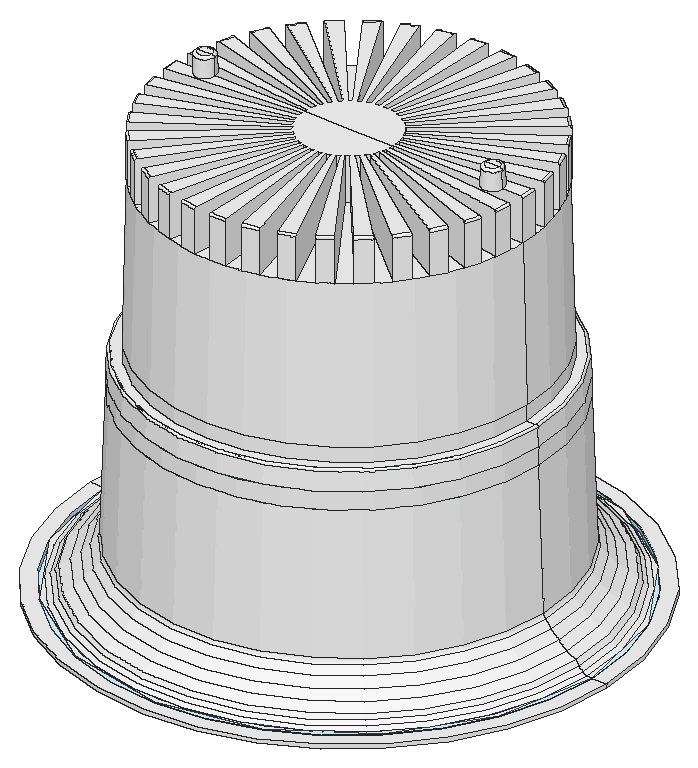
Revit family "RA 11 SOFT DIXIT LED", category Lighting Fixtures, host Ceiling, Revit 2019
Family settings
  Host = Ceiling
  Round Connector Dimension = Use Diameter
  Part Type = Normal
  OmniClass Number = 23.80.70.11
  OmniClass Title = Luminaries for Internal Lighting
  Always vertical = No
  Cut with Voids When Loaded = No
  Light Source = Yes
  Shared = No
  Room Calculation Point = No
Parameters (values of type "RA 11 SOFT DIXIT LED 3100lm 26W 3000K CRI85 70° Refl-WHITE-regolabile")
  Wattage = 20.8695 W
  built-in parameter 1150110 = 1 (stored number, unit not read)
  URL = "https://www.aria.lighting/prodotti/interni/incassi/ra-11-soft-dixit-led"
  Type Image = RA11SOFT_DIXIT_LED_TAB-Sito-Ivela.jpg
  Type Comments = "Ceiling recessed light"
  Tilt Angle = 90.00°
  Photometric Web File = "255-2 _ 256-2 _ RA 11 DIXIT LED 26W 3100 lm 3000K 70°.IES"
  built-in parameter 1150142 = "IESNA:LM-63-2002\r\n[TEST] Citizen CLL042 _ 69°/07-11-2013 / Luca\r\n[TESTLAB] ies2eulumdat.appspot.com\r\n[ISSUEDATE] 2021-07-24T14:40:32.967\r\n[MANUFAC] IVELA SpA\r\n[LUMCAT] 255-2\r\n[LUMINAIRE] RA 11 D.L.26W 3100lm 3000K 70°\r\n[LAMPCAT] LED RA11SOFT 26W3K\r\n[LAMP] LED RA11SOFT 26W3K\r\nTILT=NONE\r\n1\t2759\t1\t37\t1\t1\t2\t-0.079\t-0.079\t0.003\r\n1.0\t1.0\t26.00\r\n0\t 5\t 10\t 15\t 20\t 25\t 30\t 35\t 40\t 45\r\n50\t 55\t 60\t 65\t 70\t 75\t 80\t 85\t 90\t 95\r\n100\t 105\t 110\t 115\t 120\t 125\t 130\t 135\t 140\t 145\r\n150\t 155\t 160\t 165\t 170\t 175\t 180\r\n0\r\n2030.2412\t1999.4943\t1905.7112\t1764.5289\t1624.9245\t1492.9698\t1324.0122\t983.3907\t619.0102\t357.0076\r\n289.663\t235.4655\t185.8304\t142.0516\t103.0725\t70.2378\t42.1957\t19.0668\t1.1894\t0.5989\r\n0.7647\t1.0022\t1.3521\t1.8306\t2.4079\t3.0683\t3.809\t4.6357\t5.5032\t6.3932\r\n7.2441\t7.925\t8.3743\t8.7568\t9.2189\t9.6271\t9.8611"
  Model = "258-200BN-21"
  Manufacturer = "ARIA"
  Larghezza = 141 mm
  Lamp = "LED 3100lm 26W 3000K CRI85"
  built-in parameter 1114217 = 1 (stored number, unit not read)
  built-in parameter 1150109 = 1 (stored number, unit not read)
  Wattage Comments = "26"
  built-in parameter 1150134 = (empty or 0)
  built-in parameter 1150113 = 1 (stored number, unit not read)
  Lumens = 3100 lm
  built-in parameter 1150115 = 1 (stored number, unit not read)
  built-in parameter 1150105 = 17078.2 (stored number, unit not read)
  built-in parameter 1150137 = (empty or 0)
  built-in parameter 1150139 = (empty or 0)
  built-in parameter 1150112 = 1 (stored number, unit not read)
  built-in parameter 1150114 = 1 (stored number, unit not read)
  built-in parameter 1150132 = 2
  built-in parameter 1150102 = (empty or 0)
  built-in parameter 1150138 = (empty or 0)
  built-in parameter 1150107 = 3000 (stored number, unit not read)
  built-in parameter 1150106 = 170.78 (stored number, unit not read)
  Glass material = Glass
  built-in parameter 1150104 = 13.8 (stored number, unit not read)
  Effective Intensity (lm) = 2759
  Dimming Lamp Color Temperature Shift = <None>
  Description = "La gamma di incassi fissi RA 11 Dixit LED, è stata progettata per soddisfare le più diverse esigenze illuminotecniche, in particolare per l’applicazione in centri commerciali, negozi e uffici.\r\nTutte le versioni prevedono un innovativo sistema di dissipazione termica passiva e ottiche professionali in termoplastico metallizzato a specchio, a garanzia di un’elevata qualità della luce e di un eccellente mantenimento dell’intensità luminosa nel tempo.\r\nL’elevato rendimento luminoso di RA 11 Soft Dixit LED si coniuga con contenuti valori di luminanza e bassi livelli di abbagliamento, consentendo un ottimo comfort visivo.\r\nDriver da ordinare separatamente; la potenza dell'apparecchio varia a seconda del driver scelto."
  Corrente driver (mA) = "700mA regolabile sul taglio di fase"
  Color Filter = 16777215
  Codice = "258-200BN-21"
  CRI L'indice di Resa Cromatica = "85"
  Body material = White Powder Coated Aluminium
  Beam angle (°) = "70° Refl."
  built-in parameter 1114218 = 1 (stored number, unit not read)
  built-in parameter 1150133 = 10 (stored number, unit not read)
Reference planes
  plane 1 "Light Source Axis (F/B)": y = 0
  plane 2: z = 0
  plane 3 "Light Source Axis (L/R)": x = 0
  plane 4 "Ceiling": z = 4000
  plane 5 "Light Source Elevation": z = 4000
  plane 6: x = -70.5
  plane 7: x = 70.5
  plane 8: z = 4117
Forms (mm)
  Revolve 1, solid, material "White Powder Coated Aluminium" <- "Body material"
    sketch origin (0, 0, 0) x (1, 0, 0) y (0, 0, 1)
      loop
        line (-66.7, 4000) -> (-70.5, 4000) -> (-70.5, 3998.984) -> (-66.7, 3998.984) -> (-66.7, 4000)
      axis (0, 4000) -> (0, 3998.984)
    angle from 0 to 360
  Extrusion 2, solid, material "Glass" <- "Glass material"
    sketch origin (0, 0, 4000) x (0, 1, 0) y (-1, 0, 0)
      loop
        circle (0, 0) r 66.7
    from 0 to -1.016
  Revolve 3, solid, material "White Powder Coated Aluminium" <- "Body material"
    sketch origin (0, 0, 0) x (1, 0, 0) y (0, 0, 1)
      loop
        line (-48.533, 4060.587) -> (-48.533, 4056.781) -> (-51.141, 4056.781)
        arc (-51.141, 4056.781) -> (-51.53, 4056.627) -> (-51.709, 4056.249) r 0.569
        line (-51.709, 4056.249) -> (-52.022, 4051.547) -> (-52.022, 4047.106) -> (-53.275, 4011.402)
        arc (-53.275, 4011.402) -> (-53.411, 4010.748) -> (-53.732, 4010.163) r 2.245
        line (-53.732, 4010.163) -> (-55.353, 4008.247) -> (-57.415, 4006.186) -> (-59.636, 4004.441) -> (-62.015, 4002.855) -> (-62.808, 4001.745) -> (-63.918, 4000.793) -> (-65.187, 4000.159) -> (-66.456, 4000) -> (-57.195, 4000) -> (-54.091, 4002.439) -> (-51.671, 4004.859) -> (-50.64, 4006.077)
        arc (-50.64, 4006.077) -> (-49.425, 4006.852) -> (-48.385, 4007.848) r 7.348
        line (-48.385, 4007.848) -> (-47.159, 4009.279) -> (-44.964, 4012.936) -> (-43.062, 4016.567) -> (-41.503, 4020.206) -> (-40.106, 4024.047) -> (-39.103, 4027.894) -> (-38.068, 4031.687) -> (-37.548, 4035.674) -> (-35.686, 4096.341) -> (0, 4096.341) -> (0, 4111.341) -> (-47.042, 4111.341)
        arc (-47.042, 4111.341) -> (-47.424, 4111.183) -> (-47.582, 4110.802) r 0.539
        line (-47.582, 4110.802) -> (-47.582, 4099.921) -> (-48.533, 4060.587)
      axis (0, 4111.341) -> (0, 4000)
    angle from 0 to 360
  Extrusion 4, void
    sketch origin (0, 0, 4000) x (0, 1, 0) y (1, 0, 0)
      loop
        line (7.464, 85.311) -> (1.054, 12.047)
        arc (1.054, 12.047) -> (1.578, 11.99) -> (2.1, 11.909) r 12.093
        line (2.1, 11.909) -> (14.871, 84.336)
        arc (14.871, 84.336) -> (11.178, 84.905) -> (7.464, 85.311) r 85.637
      loop
        arc (0, 85.637) -> (-3.735, 85.556) -> (-7.464, 85.311) r 85.637
        line (-7.464, 85.311) -> (-1.054, 12.047)
        arc (-1.054, 12.047) -> (-0.527, 12.082) -> (0, 12.093) r 12.093
        line (0, 12.093) -> (0, 85.637)
      loop
        line (-2.1, 11.909) -> (-14.871, 84.336)
        arc (-14.871, 84.336) -> (-18.535, 83.607) -> (-22.165, 82.719) r 85.637
        line (-22.165, 82.719) -> (-3.13, 11.681)
        arc (-3.13, 11.681) -> (-2.617, 11.806) -> (-2.1, 11.909) r 12.093
      loop
        line (-4.136, 11.364) -> (-29.29, 80.473)
        arc (-29.29, 80.473) -> (-32.772, 79.119) -> (-36.192, 77.614) r 85.637
        line (-36.192, 77.614) -> (-5.111, 10.96)
        arc (-5.111, 10.96) -> (-4.628, 11.172) -> (-4.136, 11.364) r 12.093
      loop
        line (-6.047, 10.473) -> (-42.819, 74.164)
        arc (-42.819, 74.164) -> (-46.013, 72.226) -> (-49.12, 70.15) r 85.637
        line (-49.12, 70.15) -> (-6.936, 9.906)
        arc (-6.936, 9.906) -> (-6.498, 10.199) -> (-6.047, 10.473) r 12.093
      loop
        line (-7.773, 9.264) -> (-55.047, 65.602)
        arc (-55.047, 65.602) -> (-57.856, 63.138) -> (-60.555, 60.555) r 85.637
        line (-60.555, 60.555) -> (-8.551, 8.551)
        arc (-8.551, 8.551) -> (-8.17, 8.916) -> (-7.773, 9.264) r 12.093
      loop
        arc (-9.906, 6.936) -> (-9.594, 7.362) -> (-9.264, 7.773) r 12.093
        line (-9.264, 7.773) -> (-65.602, 55.047)
        arc (-65.602, 55.047) -> (-67.941, 52.133) -> (-70.15, 49.12) r 85.637
        line (-70.15, 49.12) -> (-9.906, 6.936)
      loop
        line (-11.364, 4.136) -> (-80.473, 29.29)
        arc (-80.473, 29.29) -> (-81.674, 25.752) -> (-82.719, 22.165) r 85.637
        line (-82.719, 22.165) -> (-11.681, 3.13)
        arc (-11.681, 3.13) -> (-11.533, 3.636) -> (-11.364, 4.136) r 12.093
      loop
        line (-12.093, 0) -> (-85.637, 0)
        arc (-85.637, 0) -> (-85.556, -3.735) -> (-85.311, -7.464) r 85.637
        line (-85.311, -7.464) -> (-12.047, -1.054)
        arc (-12.047, -1.054) -> (-12.082, -0.527) -> (-12.093, 0) r 12.093
      loop
        line (-11.909, 2.1) -> (-84.336, 14.871)
        arc (-84.336, 14.871) -> (-84.905, 11.178) -> (-85.311, 7.464) r 85.637
        line (-85.311, 7.464) -> (-12.047, 1.054)
        arc (-12.047, 1.054) -> (-11.99, 1.578) -> (-11.909, 2.1) r 12.093
      loop
        line (-10.473, 6.047) -> (-74.164, 42.819)
        arc (-74.164, 42.819) -> (-75.961, 39.543) -> (-77.614, 36.192) r 85.637
        line (-77.614, 36.192) -> (-10.96, 5.111)
        arc (-10.96, 5.111) -> (-10.727, 5.584) -> (-10.473, 6.047) r 12.093
      loop
        arc (-1.054, -12.047) -> (-1.578, -11.99) -> (-2.1, -11.909) r 12.093
        line (-2.1, -11.909) -> (-14.871, -84.336)
        arc (-14.871, -84.336) -> (-11.178, -84.905) -> (-7.464, -85.311) r 85.637
        line (-7.464, -85.311) -> (-1.054, -12.047)
      loop
        arc (-3.13, -11.681) -> (-3.636, -11.533) -> (-4.136, -11.364) r 12.093
        line (-4.136, -11.364) -> (-29.29, -80.473)
        arc (-29.29, -80.473) -> (-25.752, -81.674) -> (-22.165, -82.719) r 85.637
        line (-22.165, -82.719) -> (-3.13, -11.681)
      loop
        arc (-5.111, -10.96) -> (-5.584, -10.727) -> (-6.047, -10.473) r 12.093
        line (-6.047, -10.473) -> (-42.819, -74.164)
        arc (-42.819, -74.164) -> (-39.543, -75.961) -> (-36.192, -77.614) r 85.637
        line (-36.192, -77.614) -> (-5.111, -10.96)
      loop
        line (-7.773, -9.264) -> (-55.047, -65.602)
        arc (-55.047, -65.602) -> (-52.133, -67.941) -> (-49.12, -70.15) r 85.637
        line (-49.12, -70.15) -> (-6.936, -9.906)
        arc (-6.936, -9.906) -> (-7.362, -9.594) -> (-7.773, -9.264) r 12.093
      loop
        arc (-9.906, -6.936) -> (-10.199, -6.498) -> (-10.473, -6.047) r 12.093
        line (-10.473, -6.047) -> (-74.164, -42.819)
        arc (-74.164, -42.819) -> (-72.226, -46.013) -> (-70.15, -49.12) r 85.637
        line (-70.15, -49.12) -> (-9.906, -6.936)
      loop
        line (-11.364, -4.136) -> (-80.473, -29.29)
        arc (-80.473, -29.29) -> (-79.119, -32.772) -> (-77.614, -36.192) r 85.637
        line (-77.614, -36.192) -> (-10.96, -5.111)
        arc (-10.96, -5.111) -> (-11.172, -4.628) -> (-11.364, -4.136) r 12.093
      loop
        line (-11.909, -2.1) -> (-84.336, -14.871)
        arc (-84.336, -14.871) -> (-83.607, -18.535) -> (-82.719, -22.165) r 85.637
        line (-82.719, -22.165) -> (-11.681, -3.13)
        arc (-11.681, -3.13) -> (-11.806, -2.617) -> (-11.909, -2.1) r 12.093
      loop
        arc (-8.551, -8.551) -> (-8.916, -8.17) -> (-9.264, -7.773) r 12.093
        line (-9.264, -7.773) -> (-65.602, -55.047)
        arc (-65.602, -55.047) -> (-63.138, -57.856) -> (-60.555, -60.555) r 85.637
        line (-60.555, -60.555) -> (-8.551, -8.551)
      loop
        arc (3.13, 11.681) -> (3.636, 11.533) -> (4.136, 11.364) r 12.093
        line (4.136, 11.364) -> (29.29, 80.473)
        arc (29.29, 80.473) -> (25.752, 81.674) -> (22.165, 82.719) r 85.637
        line (22.165, 82.719) -> (3.13, 11.681)
      loop
        arc (5.111, 10.96) -> (5.584, 10.727) -> (6.047, 10.473) r 12.093
        line (6.047, 10.473) -> (42.819, 74.164)
        arc (42.819, 74.164) -> (39.543, 75.961) -> (36.192, 77.614) r 85.637
        line (36.192, 77.614) -> (5.111, 10.96)
      loop
        line (7.773, 9.264) -> (55.047, 65.602)
        arc (55.047, 65.602) -> (52.133, 67.941) -> (49.12, 70.15) r 85.637
        line (49.12, 70.15) -> (6.936, 9.906)
        arc (6.936, 9.906) -> (7.362, 9.594) -> (7.773, 9.264) r 12.093
      loop
        arc (9.906, 6.936) -> (10.199, 6.498) -> (10.473, 6.047) r 12.093
        line (10.473, 6.047) -> (74.164, 42.819)
        arc (74.164, 42.819) -> (72.226, 46.013) -> (70.15, 49.12) r 85.637
        line (70.15, 49.12) -> (9.906, 6.936)
      loop
        line (11.364, 4.136) -> (80.473, 29.29)
        arc (80.473, 29.29) -> (79.119, 32.772) -> (77.614, 36.192) r 85.637
        line (77.614, 36.192) -> (10.96, 5.111)
        arc (10.96, 5.111) -> (11.172, 4.628) -> (11.364, 4.136) r 12.093
      loop
        line (12.093, 0) -> (85.637, 0)
        arc (85.637, 0) -> (85.556, 3.735) -> (85.311, 7.464) r 85.637
        line (85.311, 7.464) -> (12.047, 1.054)
        arc (12.047, 1.054) -> (12.082, 0.527) -> (12.093, 0) r 12.093
      loop
        line (11.909, 2.1) -> (84.336, 14.871)
        arc (84.336, 14.871) -> (83.607, 18.535) -> (82.719, 22.165) r 85.637
        line (82.719, 22.165) -> (11.681, 3.13)
        arc (11.681, 3.13) -> (11.806, 2.617) -> (11.909, 2.1) r 12.093
      loop
        arc (8.551, 8.551) -> (8.916, 8.17) -> (9.264, 7.773) r 12.093
        line (9.264, 7.773) -> (65.602, 55.047)
        arc (65.602, 55.047) -> (63.138, 57.856) -> (60.555, 60.555) r 85.637
        line (60.555, 60.555) -> (8.551, 8.551)
      loop
        arc (1.054, -12.047) -> (0.527, -12.082) -> (0, -12.093) r 12.093
        line (0, -12.093) -> (0, -85.637)
        arc (0, -85.637) -> (3.735, -85.556) -> (7.464, -85.311) r 85.637
        line (7.464, -85.311) -> (1.054, -12.047)
      loop
        line (2.1, -11.909) -> (14.871, -84.336)
        arc (14.871, -84.336) -> (18.535, -83.607) -> (22.165, -82.719) r 85.637
        line (22.165, -82.719) -> (3.13, -11.681)
        arc (3.13, -11.681) -> (2.617, -11.806) -> (2.1, -11.909) r 12.093
      loop
        line (4.136, -11.364) -> (29.29, -80.473)
        arc (29.29, -80.473) -> (32.772, -79.119) -> (36.192, -77.614) r 85.637
        line (36.192, -77.614) -> (5.111, -10.96)
        arc (5.111, -10.96) -> (4.628, -11.172) -> (4.136, -11.364) r 12.093
      loop
        line (6.047, -10.473) -> (42.819, -74.164)
        arc (42.819, -74.164) -> (46.013, -72.226) -> (49.12, -70.15) r 85.637
        line (49.12, -70.15) -> (6.936, -9.906)
        arc (6.936, -9.906) -> (6.498, -10.199) -> (6.047, -10.473) r 12.093
      loop
        line (7.773, -9.264) -> (55.047, -65.602)
        arc (55.047, -65.602) -> (57.856, -63.138) -> (60.555, -60.555) r 85.637
        line (60.555, -60.555) -> (8.551, -8.551)
        arc (8.551, -8.551) -> (8.17, -8.916) -> (7.773, -9.264) r 12.093
      loop
        arc (9.906, -6.936) -> (9.594, -7.362) -> (9.264, -7.773) r 12.093
        line (9.264, -7.773) -> (65.602, -55.047)
        arc (65.602, -55.047) -> (67.941, -52.133) -> (70.15, -49.12) r 85.637
        line (70.15, -49.12) -> (9.906, -6.936)
      loop
        line (11.364, -4.136) -> (80.473, -29.29)
        arc (80.473, -29.29) -> (81.674, -25.752) -> (82.719, -22.165) r 85.637
        line (82.719, -22.165) -> (11.681, -3.13)
        arc (11.681, -3.13) -> (11.533, -3.636) -> (11.364, -4.136) r 12.093
      loop
        line (11.909, -2.1) -> (84.336, -14.871)
        arc (84.336, -14.871) -> (84.905, -11.178) -> (85.311, -7.464) r 85.637
        line (85.311, -7.464) -> (12.047, -1.054)
        arc (12.047, -1.054) -> (11.99, -1.578) -> (11.909, -2.1) r 12.093
      loop
        line (10.473, -6.047) -> (74.164, -42.819)
        arc (74.164, -42.819) -> (75.961, -39.543) -> (77.614, -36.192) r 85.637
        line (77.614, -36.192) -> (10.96, -5.111)
        arc (10.96, -5.111) -> (10.727, -5.584) -> (10.473, -6.047) r 12.093
    from -150.252 to -100.08
  Revolve 5, solid, material "White Powder Coated Aluminium" <- "Body material"
    sketch origin (-20.582, 0, 43.58) x (1, 0, 0) y (0, 0, 1)
      loop
        arc (-20.657, 4072.834) -> (-21.106, 4072.652) -> (-21.303, 4072.208) r 0.646
        line (-21.303, 4072.208) -> (-21.446, 4067.761) -> (-18.76, 4067.761) -> (-18.76, 4072.834) -> (-20.657, 4072.834)
      axis (-18.76, 4072.834) -> (-18.76, 4067.761)
    angle from 0 to 360
  Revolve 6, solid, material "White Powder Coated Aluminium" <- "Body material"
    sketch origin (58.097, 0, 43.58) x (1, 0, 0) y (0, 0, 1)
      loop
        arc (-20.67, 4072.836) -> (-21.12, 4072.654) -> (-21.316, 4072.21) r 0.646
        line (-21.316, 4072.21) -> (-21.46, 4067.761) -> (-18.76, 4067.761) -> (-18.76, 4072.836) -> (-20.67, 4072.836)
      axis (-18.76, 4072.836) -> (-18.76, 4067.761)
    angle from 0 to 360
Cuts and joins
  Extrusion 4 cuts Revolve 1
  Extrusion 4 cuts Extrusion 2
  Extrusion 4 cuts Revolve 3
Lines and regions (mm)
  Opening 1
    outline origin (0, 0, 4000) x (1, 0, 0) y (0, 1, 0)
      loop
        circle (0, 0) r 67
Dimensions and locks
  equal spacing: host sketch curve, plane 3 "Light Source Axis (L/R)", host sketch curve
  equal spacing: host sketch curve, plane 1 "Light Source Axis (F/B)", host sketch curve
  host sketch curve to host sketch curve = 4000 mm  (x2)
  plane 4 "Ceiling" to host ceiling = 0 mm
  equal spacing: plane 7, plane 3 "Light Source Axis (L/R)", plane 6
  "Larghezza": plane 7 to plane 6
  imposter light to plane 8 = 117 mm
  equal spacing: plane 7, imposter light, plane 6
  aligned and locked: plane 3 "Light Source Axis (L/R)" to imposter light
  aligned and locked: plane 1 "Light Source Axis (F/B)" to imposter light
  aligned and locked: plane 5 "Light Source Elevation" to imposter light
  aligned and locked: plane 5 "Light Source Elevation" to plane 4 "Ceiling"
  aligned and locked: Revolve 1 sketch curve to plane 6
Automatic sketch dimensions
  Opening 1 sketch curve to plane 3 "Light Source Axis (L/R)" = 0 mm
  Opening 1 sketch curve to plane 3 "Light Source Axis (L/R)" = 67 mm
  plane 1 "Light Source Axis (F/B)" to Opening 1 sketch curve = 0 mm
  Revolve 1 sketch curve to plane 4 "Ceiling" = 0 mm
  Revolve 1 sketch curve to plane 3 "Light Source Axis (L/R)" = 0 mm
  plane 4 "Ceiling" to Revolve 1 sketch curve = 1.016 mm
  Revolve 1 sketch curve to Revolve 1 sketch curve = 3.8 mm
  Revolve 1 sketch curve to level = 377.986 mm
  plane 8 to Revolve 1 sketch curve = 429.527 mm
  Extrusion 4 sketch curve to Extrusion 4 sketch curve = 0 mm  (x5112)
  Extrusion 4 sketch curve to plane 3 "Light Source Axis (L/R)" = 0 mm
  plane 1 "Light Source Axis (F/B)" to Extrusion 4 sketch curve = 0 mm
  plane 1 "Light Source Axis (F/B)" to Extrusion 4 sketch curve = 1.054 mm  (x2)
  Extrusion 4 sketch curve to Extrusion 4 sketch curve = 1.046 mm  (x4)
  Extrusion 4 sketch curve to Extrusion 4 sketch curve = 1.03 mm  (x4)
  Extrusion 4 sketch curve to Extrusion 4 sketch curve = 1.006 mm  (x4)
  Extrusion 4 sketch curve to Extrusion 4 sketch curve = 0.975 mm  (x8)
  Extrusion 4 sketch curve to Extrusion 4 sketch curve = 0.936 mm  (x4)
  Extrusion 4 sketch curve to Extrusion 4 sketch curve = 0.89 mm  (x5)
  plane 1 "Light Source Axis (F/B)" to Extrusion 4 sketch curve = 7.464 mm  (x2)
  Extrusion 4 sketch curve to Extrusion 4 sketch curve = 0.837 mm  (x5)
  Extrusion 4 sketch curve to Extrusion 4 sketch curve = 0.778 mm  (x6)
  Extrusion 4 sketch curve to Extrusion 4 sketch curve = 0.713 mm  (x6)
  Extrusion 4 sketch curve to Extrusion 4 sketch curve = 0.642 mm  (x6)
  Extrusion 4 sketch curve to Extrusion 4 sketch curve = 0.567 mm  (x6)
  Extrusion 4 sketch curve to plane 3 "Light Source Axis (L/R)" = 6.047 mm
  plane 3 "Light Source Axis (L/R)" to Extrusion 4 sketch curve = 5.111 mm  (x2)
  Extrusion 4 sketch curve to Extrusion 4 sketch curve = 0.487 mm  (x6)
  Extrusion 4 sketch curve to plane 3 "Light Source Axis (L/R)" = 5.111 mm  (x2)
  plane 3 "Light Source Axis (L/R)" to Extrusion 4 sketch curve = 4.136 mm  (x2)
  Extrusion 4 sketch curve to Extrusion 4 sketch curve = 0.404 mm  (x4)
  Extrusion 4 sketch curve to plane 3 "Light Source Axis (L/R)" = 4.136 mm  (x2)
  plane 3 "Light Source Axis (L/R)" to Extrusion 4 sketch curve = 3.13 mm  (x2)
  Extrusion 4 sketch curve to plane 3 "Light Source Axis (L/R)" = 3.13 mm  (x2)
  Extrusion 4 sketch curve to Extrusion 4 sketch curve = 0.317 mm  (x4)
  Extrusion 4 sketch curve to plane 3 "Light Source Axis (L/R)" = 2.1 mm  (x2)
  plane 3 "Light Source Axis (L/R)" to Extrusion 4 sketch curve = 2.1 mm  (x2)
  Extrusion 4 sketch curve to Extrusion 4 sketch curve = 0.228 mm  (x4)
  plane 3 "Light Source Axis (L/R)" to Extrusion 4 sketch curve = 1.054 mm  (x2)
  Extrusion 4 sketch curve to plane 3 "Light Source Axis (L/R)" = 1.054 mm  (x2)
  Extrusion 4 sketch curve to Extrusion 4 sketch curve = 0.138 mm  (x4)
  Extrusion 4 sketch curve to Extrusion 4 sketch curve = 7.407 mm  (x4)
  Extrusion 4 sketch curve to Extrusion 4 sketch curve = 7.294 mm  (x4)
  plane 7 to Extrusion 4 sketch curve = 9.973 mm  (x2)
  Extrusion 4 sketch curve to Extrusion 4 sketch curve = 7.125 mm  (x4)
  Extrusion 4 sketch curve to plane 6 = 9.973 mm  (x2)
  Extrusion 4 sketch curve to plane 6 = 7.114 mm  (x2)
  Extrusion 4 sketch curve to Extrusion 4 sketch curve = 6.902 mm  (x2)
  plane 7 to Extrusion 4 sketch curve = 7.114 mm  (x2)
  plane 7 to Extrusion 4 sketch curve = 3.664 mm  (x2)
  Extrusion 4 sketch curve to Extrusion 4 sketch curve = 6.627 mm  (x2)
  Extrusion 4 sketch curve to plane 6 = 3.664 mm  (x2)
  plane 6 to Extrusion 4 sketch curve = 0.35 mm  (x2)
  Extrusion 4 sketch curve to Extrusion 4 sketch curve = 6.301 mm  (x2)
  Extrusion 4 sketch curve to plane 7 = 0.35 mm  (x2)
  Extrusion 4 sketch curve to plane 7 = 4.898 mm  (x2)
  Extrusion 4 sketch curve to Extrusion 4 sketch curve = 5.927 mm  (x2)
  plane 6 to Extrusion 4 sketch curve = 4.898 mm  (x2)
  Extrusion 4 sketch curve to plane 7 = 9.945 mm  (x2)
  plane 6 to Extrusion 4 sketch curve = 9.945 mm  (x2)
  Extrusion 4 sketch curve to Extrusion 4 sketch curve = 5.508 mm  (x2)
  plane 6 to Extrusion 4 sketch curve = 15.453 mm  (x2)
  Extrusion 4 sketch curve to plane 7 = 15.453 mm  (x2)
  Extrusion 4 sketch curve to Extrusion 4 sketch curve = 5.047 mm  (x2)
  Extrusion 4 sketch curve to plane 7 = 21.38 mm  (x2)
  plane 6 to Extrusion 4 sketch curve = 21.38 mm  (x2)
  Extrusion 4 sketch curve to Extrusion 4 sketch curve = 4.548 mm  (x2)
  Extrusion 4 sketch curve to plane 7 = 27.681 mm  (x2)
  Extrusion 4 sketch curve to Extrusion 4 sketch curve = 4.014 mm  (x2)
  plane 6 to Extrusion 4 sketch curve = 27.681 mm  (x2)
  plane 6 to Extrusion 4 sketch curve = 34.308 mm  (x2)
  Extrusion 4 sketch curve to Extrusion 4 sketch curve = 3.45 mm  (x2)
  Extrusion 4 sketch curve to plane 7 = 34.308 mm  (x2)
  plane 3 "Light Source Axis (L/R)" to Extrusion 4 sketch curve = 29.29 mm  (x2)
  Extrusion 4 sketch curve to Extrusion 4 sketch curve = 2.859 mm  (x2)
  Extrusion 4 sketch curve to plane 3 "Light Source Axis (L/R)" = 29.29 mm  (x2)
  plane 3 "Light Source Axis (L/R)" to Extrusion 4 sketch curve = 22.165 mm  (x2)
  Extrusion 4 sketch curve to plane 3 "Light Source Axis (L/R)" = 22.165 mm  (x2)
  Extrusion 4 sketch curve to Extrusion 4 sketch curve = 2.247 mm  (x4)
  Extrusion 4 sketch curve to plane 3 "Light Source Axis (L/R)" = 14.871 mm  (x2)
  plane 3 "Light Source Axis (L/R)" to Extrusion 4 sketch curve = 14.871 mm  (x2)
  Extrusion 4 sketch curve to Extrusion 4 sketch curve = 1.617 mm  (x4)
  plane 3 "Light Source Axis (L/R)" to Extrusion 4 sketch curve = 7.464 mm  (x2)
  Extrusion 4 sketch curve to plane 3 "Light Source Axis (L/R)" = 7.464 mm  (x2)
  Extrusion 4 sketch curve to plane 1 "Light Source Axis (F/B)" = 1.054 mm  (x2)
  Extrusion 4 sketch curve to plane 1 "Light Source Axis (F/B)" = 7.464 mm  (x2)
  plane 3 "Light Source Axis (L/R)" to Extrusion 4 sketch curve = 6.047 mm
  Extrusion 4 sketch curve to Extrusion 4 sketch curve = 5.157 mm
  Extrusion 4 sketch curve to Extrusion 4 sketch curve = 0.046 mm
  Revolve 3 sketch curve to plane 4 "Ceiling" = 0 mm
  Revolve 3 sketch curve to plane 3 "Light Source Axis (L/R)" = 0 mm  (x2)
  plane 6 to Revolve 3 sketch curve = 34.814 mm
  Revolve 3 sketch curve to Revolve 3 sketch curve = 0.52 mm
  Revolve 3 sketch curve to Revolve 3 sketch curve = 1.034 mm
  Revolve 3 sketch curve to Revolve 3 sketch curve = 1.004 mm
  Revolve 3 sketch curve to Revolve 3 sketch curve = 1.397 mm
  Revolve 3 sketch curve to Revolve 3 sketch curve = 1.559 mm
  Revolve 3 sketch curve to Revolve 3 sketch curve = 1.902 mm
  Revolve 3 sketch curve to plane 8 = 5.659 mm
  Revolve 3 sketch curve to Revolve 3 sketch curve = 11.356 mm
  Revolve 3 sketch curve to plane 4 "Ceiling" = 9.279 mm
  Revolve 3 sketch curve to Revolve 3 sketch curve = 2.195 mm
  Revolve 3 sketch curve to Revolve 3 sketch curve = 0.539 mm
  Revolve 3 sketch curve to Revolve 3 sketch curve = 1.226 mm
  plane 6 to Revolve 3 sketch curve = 21.967 mm
  Revolve 3 sketch curve to plane 4 "Ceiling" = 6.077 mm
  Revolve 3 sketch curve to Revolve 3 sketch curve = 2.255 mm
  Revolve 3 sketch curve to Revolve 3 sketch curve = 2.608 mm
  Revolve 3 sketch curve to plane 4 "Ceiling" = 4.859 mm
  Revolve 3 sketch curve to Revolve 3 sketch curve = 1.031 mm
  Revolve 3 sketch curve to Revolve 3 sketch curve = 0.568 mm
  Revolve 3 sketch curve to Revolve 3 sketch curve = 0.881 mm
  Revolve 3 sketch curve to Revolve 3 sketch curve = 3.324 mm
  Revolve 3 sketch curve to plane 4 "Ceiling" = 2.439 mm
  Revolve 3 sketch curve to Revolve 3 sketch curve = 2.42 mm
  Revolve 3 sketch curve to Revolve 3 sketch curve = 1.389 mm
  Revolve 3 sketch curve to Revolve 3 sketch curve = 3.104 mm
  Revolve 3 sketch curve to plane 4 "Ceiling" = 6.186 mm
  Revolve 3 sketch curve to Revolve 3 sketch curve = 2.062 mm  (x2)
  Revolve 3 sketch curve to plane 4 "Ceiling" = 4.441 mm
  Revolve 3 sketch curve to Revolve 3 sketch curve = 2.22 mm
  Revolve 3 sketch curve to plane 4 "Ceiling" = 2.855 mm
  Revolve 3 sketch curve to Revolve 3 sketch curve = 2.379 mm
  Revolve 3 sketch curve to plane 4 "Ceiling" = 1.745 mm
  Revolve 3 sketch curve to Revolve 3 sketch curve = 0.793 mm
  Revolve 3 sketch curve to plane 4 "Ceiling" = 0.793 mm
  Revolve 3 sketch curve to Revolve 3 sketch curve = 1.11 mm
  Revolve 3 sketch curve to plane 4 "Ceiling" = 0.159 mm
  Revolve 3 sketch curve to Revolve 3 sketch curve = 1.269 mm  (x2)
  Revolve 3 sketch curve to Revolve 3 sketch curve = 1.106 mm
  Revolve 3 sketch curve to Revolve 3 sketch curve = 3.658 mm
  Revolve 3 sketch curve to Revolve 3 sketch curve = 3.631 mm
  Revolve 3 sketch curve to Revolve 3 sketch curve = 3.638 mm
  Revolve 3 sketch curve to Revolve 3 sketch curve = 3.841 mm
  Revolve 3 sketch curve to Revolve 3 sketch curve = 3.848 mm
  Revolve 3 sketch curve to Revolve 3 sketch curve = 3.792 mm
  Revolve 3 sketch curve to Revolve 3 sketch curve = 3.987 mm
  Revolve 3 sketch curve to Revolve 3 sketch curve = 11.432 mm
  Revolve 3 sketch curve to Revolve 3 sketch curve = 4.441 mm
  Revolve 3 sketch curve to Revolve 3 sketch curve = 4.665 mm
  Revolve 3 sketch curve to Revolve 3 sketch curve = 0.038 mm
  Revolve 3 sketch curve to Revolve 3 sketch curve = 3.807 mm
  Revolve 3 sketch curve to Revolve 3 sketch curve = 15 mm
  Revolve 3 sketch curve to Revolve 3 sketch curve = 10.88 mm
  Revolve 3 sketch curve to Revolve 3 sketch curve = 0.689 mm
  Revolve 3 sketch curve to Revolve 3 sketch curve = 0.457 mm
  Revolve 3 sketch curve to level = 377.986 mm
  Revolve 3 sketch curve to Revolve 3 sketch curve = 1.362 mm
  plane 8 to Revolve 3 sketch curve = 426.027 mm
  plane 6 to Revolve 3 sketch curve = 16.536 mm
  Revolve 3 sketch curve to Revolve 3 sketch curve = 1.552 mm
  Revolve 3 sketch curve to Revolve 3 sketch curve = 1.43 mm
  Revolve 5 sketch curve to plane 8 = 5.659 mm
  Revolve 5 sketch curve to plane 3 "Light Source Axis (L/R)" = 42.028 mm
  Revolve 5 sketch curve to plane 8 = 1.212 mm
  Revolve 5 sketch curve to Revolve 5 sketch curve = 0.143 mm
  Revolve 5 sketch curve to Revolve 5 sketch curve = 0.646 mm
  Revolve 5 sketch curve to plane 8 = 0.587 mm
  Revolve 5 sketch curve to Revolve 5 sketch curve = 1.897 mm
  Revolve 5 sketch curve to plane 3 "Light Source Axis (L/R)" = 39.342 mm
  Revolve 5 sketch curve to level = 333.344 mm
  plane 8 to Revolve 5 sketch curve = 399.669 mm
  Revolve 6 sketch curve to plane 8 = 5.659 mm
  plane 3 "Light Source Axis (L/R)" to Revolve 6 sketch curve = 36.638 mm
  Revolve 6 sketch curve to plane 8 = 1.21 mm
  Revolve 6 sketch curve to Revolve 6 sketch curve = 0.144 mm
  Revolve 6 sketch curve to Revolve 6 sketch curve = 0.646 mm
  Revolve 6 sketch curve to plane 8 = 0.584 mm
  Revolve 6 sketch curve to Revolve 6 sketch curve = 1.91 mm
  plane 3 "Light Source Axis (L/R)" to Revolve 6 sketch curve = 39.338 mm
  Revolve 6 sketch curve to level = 333.344 mm
  plane 8 to Revolve 6 sketch curve = 399.669 mm
  radius of Extrusion 2 sketch curve to Revolve 1 = 0 mm
Types (28, lengths in mm): name | Wattage | Photometric Web File | built-in parameter 1150142 | Lamp | Wattage Comments | Lumens | built-in parameter 1150105 | built-in parameter 1150106 | Effective Intensity (lm) | Corrente driver (mA) | Beam angle (°)
  RA 11 SOFT DIXIT LED 1700lm 12W 3000K CRI85 18° Refl-WHITE-regolabile | 11.4446 W | "255-2 _ 256-2 _ RA 11 DIXIT LED 12W 1700 lm 3000K 17°.IES" | "IESNA:LM-63-2002\r\n[TEST] I-Moon 725-6 39W S/05-12-2012 / Luca\r\n[TESTLAB] ies2eulumdat.appspot.com\r\n[ISSUEDATE] 2021-07-24T14:35:06.454\r\n[MANUFAC] IVELA SpA\r\n[LUMCAT] 255-2\r\n[LUMINAIRE] RA 11 D.L.12W 1700lm 3000K 17°\r\n[LAMPCAT] LED per RA 11 1700\r\n[LAMP] LED per RA 11 1700\r\nTILT=NONE\r\n1\t1513\t1\t37\t1\t1\t2\t-0.079\t-0.079\t0.045\r\n1.0\t1.0\t12.00\r\n0\t 5\t 10\t 15\t 20\t 25\t 30\t 35\t 40\t 45\r\n50\t 55\t 60\t 65\t 70\t 75\t 80\t 85\t 90\t 95\r\n100\t 105\t 110\t 115\t 120\t 125\t 130\t 135\t 140\t 145\r\n150\t 155\t 160\t 165\t 170\t 175\t 180\r\n0\r\n8335.2581\t6591.4813\t3075.9168\t1230.671\t747.0234\t607.2649\t539.2343\t406.7179\t151.4115\t19.8843\r\n7.0589\t1.0306\t0.1911\t0.1371\t0.1028\t0.0823\t0.0689\t0.0592\t0.0529\t0.0549\r\n0.0647\t0.1027\t0.2016\t0.364\t0.5754\t0.8357\t1.2193\t1.9038\t3.0396\t4.4571\r\n5.7035\t6.4225\t6.7734\t7.1427\t7.3896\t6.9347\t6.3511" | "LED 1700lm 12W 3000K CRI85" | "12" | 1700 lm | 135.28 (stored number, unit not read) | 1.3528 (stored number, unit not read) | 1513 | "350mA regolabile sul taglio di fase" | "18° Refl."
  RA 11 SOFT DIXIT LED 1700lm 12W 3000K CRI85 30° Refl-WHITE-regolabile | 11.4446 W | "255-2 _ 256-2 _ RA 11 DIXIT LED 12W 1700 lm 3000K 30°.IES" | "IESNA:LM-63-2002\r\n[TEST] I-Moon 725-6 39W M/06-12-2012 / Luca\r\n[TESTLAB] ies2eulumdat.appspot.com\r\n[ISSUEDATE] 2021-07-24T14:35:40.733\r\n[MANUFAC] IVELA SpA\r\n[LUMCAT] 255-2\r\n[LUMINAIRE] RA 11 D.L.12W 1700lm 3000K 30°\r\n[LAMPCAT] LED per RA 11 1700\r\n[LAMP] LED per RA 11 1700\r\nTILT=NONE\r\n1\t1513\t1\t37\t1\t1\t2\t-0.079\t-0.079\t0.045\r\n1.0\t1.0\t12.00\r\n0\t 5\t 10\t 15\t 20\t 25\t 30\t 35\t 40\t 45\r\n50\t 55\t 60\t 65\t 70\t 75\t 80\t 85\t 90\t 95\r\n100\t 105\t 110\t 115\t 120\t 125\t 130\t 135\t 140\t 145\r\n150\t 155\t 160\t 165\t 170\t 175\t 180\r\n0\r\n3748.1963\t3411.47\t2591.0936\t1746.9423\t1139.0057\t807.7725\t645.2596\t462.8167\t172.7337\t27.6466\r\n10.324\t1.9267\t0.5981\t0.3981\t0.2637\t0.1751\t0.115\t0.0773\t0.0557\t0.0576\r\n0.0682\t0.1126\t0.2235\t0.4148\t0.6791\t1.0344\t1.5489\t2.2884\t3.2366\t4.3019\r\n5.332\t6.155\t6.6824\t7.0404\t7.2002\t7.1356\t7.1388" | "LED 1700lm 12W 3000K CRI85" | "12" | 1700 lm | 135.28 (stored number, unit not read) | 1.3528 (stored number, unit not read) | 1513 | "350mA regolabile sul taglio di fase" | "30° Refl."
  RA 11 SOFT DIXIT LED 1700lm 12W 3000K CRI85 55° Refl-WHITE-regolabile | 11.4446 W | "255-2 _ 256-2 _ RA 11 DIXIT LED 12W 1700 lm 3000K 55°.IES" | "IESNA:LM-63-2002\r\n[TEST] I-Moon 725-6 39W W/07-12-2012 / Luca\r\n[TESTLAB] ies2eulumdat.appspot.com\r\n[ISSUEDATE] 2021-07-24T14:36:05.347\r\n[MANUFAC] IVELA SpA\r\n[LUMCAT] 255-2\r\n[LUMINAIRE] RA 11 D.L.12W 1700lm 3000K 55°\r\n[LAMPCAT] LED per RA11 1700 3K\r\n[LAMP] LED per RA11 1700 3K\r\nTILT=NONE\r\n1\t1513\t1\t37\t1\t1\t2\t-0.079\t-0.079\t0.004\r\n1.0\t1.0\t12.00\r\n0\t 5\t 10\t 15\t 20\t 25\t 30\t 35\t 40\t 45\r\n50\t 55\t 60\t 65\t 70\t 75\t 80\t 85\t 90\t 95\r\n100\t 105\t 110\t 115\t 120\t 125\t 130\t 135\t 140\t 145\r\n150\t 155\t 160\t 165\t 170\t 175\t 180\r\n0\r\n1658.3847\t1650.2597\t1623.9802\t1549.5676\t1341.2967\t1039.8315\t804.4576\t567.6856\t242.1406\t66.1444\r\n31.3647\t13.9045\t7.5424\t4.2931\t2.3666\t1.1674\t0.6004\t0.307\t0.0892\t0.0811\r\n0.1036\t0.1681\t0.3127\t0.5558\t0.8938\t1.3345\t1.8943\t2.5641\t3.3035\t4.0853\r\n4.8719\t5.563\t6.0495\t6.3809\t6.642\t6.9089\t7.1072" | "LED 1700lm 12W 3000K CRI85" | "12" | 1700 lm | 135.28 (stored number, unit not read) | 1.3528 (stored number, unit not read) | 1513 | "350mA regolabile sul taglio di fase" | "55° Refl."
  RA 11 SOFT DIXIT LED 1700lm 12W 3000K CRI85 70° Refl-WHITE-regolabile | 11.4446 W | "255-2 _ 256-2 _ RA 11 DIXIT LED 12W 1700 lm 3000K 70°.IES" | "IESNA:LM-63-2002\r\n[TEST] Citizen CLL042 _ 69°/07-11-2013 / Luca\r\n[TESTLAB] ies2eulumdat.appspot.com\r\n[ISSUEDATE] 2021-07-24T14:36:32.483\r\n[MANUFAC] IVELA SpA\r\n[LUMCAT] 255-2\r\n[LUMINAIRE] RA 11 D.L.12W 1700lm 3000K 70°\r\n[LAMPCAT] LED per RA 11 1700\r\n[LAMP] LED per RA 11 1700\r\nTILT=NONE\r\n1\t1513\t1\t37\t1\t1\t2\t-0.079\t-0.079\t0.045\r\n1.0\t1.0\t12.00\r\n0\t 5\t 10\t 15\t 20\t 25\t 30\t 35\t 40\t 45\r\n50\t 55\t 60\t 65\t 70\t 75\t 80\t 85\t 90\t 95\r\n100\t 105\t 110\t 115\t 120\t 125\t 130\t 135\t 140\t 145\r\n150\t 155\t 160\t 165\t 170\t 175\t 180\r\n0\r\n1113.3581\t1096.4969\t1045.0674\t967.6449\t891.0876\t818.7254\t726.0712\t539.2788\t339.4572\t195.7784\r\n158.8474\t129.1262\t101.907\t77.8993\t56.5237\t38.5175\t23.1396\t10.456\t0.6523\t0.3284\r\n0.4193\t0.5496\t0.7415\t1.0039\t1.3205\t1.6826\t2.0888\t2.5422\t3.0179\t3.5059\r\n3.9726\t4.346\t4.5923\t4.8021\t5.0555\t5.2794\t5.4077" | "LED 1700lm 12W 3000K CRI85" | "12" | 1700 lm | 135.28 (stored number, unit not read) | 1.3528 (stored number, unit not read) | 1513 | "350mA regolabile sul taglio di fase" | "70° Refl."
  RA 11 SOFT DIXIT LED 1700lm 12W 3000K CRI85 18° Refl-WHITE-DALI | 11.4446 W | "255-2 _ 256-2 _ RA 11 DIXIT LED 12W 1700 lm 3000K 17°.IES" | "IESNA:LM-63-2002\r\n[TEST] I-Moon 725-6 39W S/05-12-2012 / Luca\r\n[TESTLAB] ies2eulumdat.appspot.com\r\n[ISSUEDATE] 2021-07-24T14:35:06.454\r\n[MANUFAC] IVELA SpA\r\n[LUMCAT] 255-2\r\n[LUMINAIRE] RA 11 D.L.12W 1700lm 3000K 17°\r\n[LAMPCAT] LED per RA 11 1700\r\n[LAMP] LED per RA 11 1700\r\nTILT=NONE\r\n1\t1513\t1\t37\t1\t1\t2\t-0.079\t-0.079\t0.045\r\n1.0\t1.0\t12.00\r\n0\t 5\t 10\t 15\t 20\t 25\t 30\t 35\t 40\t 45\r\n50\t 55\t 60\t 65\t 70\t 75\t 80\t 85\t 90\t 95\r\n100\t 105\t 110\t 115\t 120\t 125\t 130\t 135\t 140\t 145\r\n150\t 155\t 160\t 165\t 170\t 175\t 180\r\n0\r\n8335.2581\t6591.4813\t3075.9168\t1230.671\t747.0234\t607.2649\t539.2343\t406.7179\t151.4115\t19.8843\r\n7.0589\t1.0306\t0.1911\t0.1371\t0.1028\t0.0823\t0.0689\t0.0592\t0.0529\t0.0549\r\n0.0647\t0.1027\t0.2016\t0.364\t0.5754\t0.8357\t1.2193\t1.9038\t3.0396\t4.4571\r\n5.7035\t6.4225\t6.7734\t7.1427\t7.3896\t6.9347\t6.3511" | "LED 1700lm 12W 3000K CRI85" | "12" | 1700 lm | 135.28 (stored number, unit not read) | 1.3528 (stored number, unit not read) | 1513 | "350mA dimmerabile DALI" | "18° Refl."
  RA 11 SOFT DIXIT LED 1700lm 12W 3000K CRI85 30° Refl-WHITE-DALI | 11.4446 W | "255-2 _ 256-2 _ RA 11 DIXIT LED 12W 1700 lm 3000K 30°.IES" | "IESNA:LM-63-2002\r\n[TEST] I-Moon 725-6 39W M/06-12-2012 / Luca\r\n[TESTLAB] ies2eulumdat.appspot.com\r\n[ISSUEDATE] 2021-07-24T14:35:40.733\r\n[MANUFAC] IVELA SpA\r\n[LUMCAT] 255-2\r\n[LUMINAIRE] RA 11 D.L.12W 1700lm 3000K 30°\r\n[LAMPCAT] LED per RA 11 1700\r\n[LAMP] LED per RA 11 1700\r\nTILT=NONE\r\n1\t1513\t1\t37\t1\t1\t2\t-0.079\t-0.079\t0.045\r\n1.0\t1.0\t12.00\r\n0\t 5\t 10\t 15\t 20\t 25\t 30\t 35\t 40\t 45\r\n50\t 55\t 60\t 65\t 70\t 75\t 80\t 85\t 90\t 95\r\n100\t 105\t 110\t 115\t 120\t 125\t 130\t 135\t 140\t 145\r\n150\t 155\t 160\t 165\t 170\t 175\t 180\r\n0\r\n3748.1963\t3411.47\t2591.0936\t1746.9423\t1139.0057\t807.7725\t645.2596\t462.8167\t172.7337\t27.6466\r\n10.324\t1.9267\t0.5981\t0.3981\t0.2637\t0.1751\t0.115\t0.0773\t0.0557\t0.0576\r\n0.0682\t0.1126\t0.2235\t0.4148\t0.6791\t1.0344\t1.5489\t2.2884\t3.2366\t4.3019\r\n5.332\t6.155\t6.6824\t7.0404\t7.2002\t7.1356\t7.1388" | "LED 1700lm 12W 3000K CRI85" | "12" | 1700 lm | 135.28 (stored number, unit not read) | 1.3528 (stored number, unit not read) | 1513 | "350mA dimmerabile DALI" | "30° Refl."
  RA 11 SOFT DIXIT LED 1700lm 12W 3000K CRI85 55° Refl-WHITE-DALI | 11.4446 W | "255-2 _ 256-2 _ RA 11 DIXIT LED 12W 1700 lm 3000K 55°.IES" | "IESNA:LM-63-2002\r\n[TEST] I-Moon 725-6 39W W/07-12-2012 / Luca\r\n[TESTLAB] ies2eulumdat.appspot.com\r\n[ISSUEDATE] 2021-07-24T14:36:05.347\r\n[MANUFAC] IVELA SpA\r\n[LUMCAT] 255-2\r\n[LUMINAIRE] RA 11 D.L.12W 1700lm 3000K 55°\r\n[LAMPCAT] LED per RA11 1700 3K\r\n[LAMP] LED per RA11 1700 3K\r\nTILT=NONE\r\n1\t1513\t1\t37\t1\t1\t2\t-0.079\t-0.079\t0.004\r\n1.0\t1.0\t12.00\r\n0\t 5\t 10\t 15\t 20\t 25\t 30\t 35\t 40\t 45\r\n50\t 55\t 60\t 65\t 70\t 75\t 80\t 85\t 90\t 95\r\n100\t 105\t 110\t 115\t 120\t 125\t 130\t 135\t 140\t 145\r\n150\t 155\t 160\t 165\t 170\t 175\t 180\r\n0\r\n1658.3847\t1650.2597\t1623.9802\t1549.5676\t1341.2967\t1039.8315\t804.4576\t567.6856\t242.1406\t66.1444\r\n31.3647\t13.9045\t7.5424\t4.2931\t2.3666\t1.1674\t0.6004\t0.307\t0.0892\t0.0811\r\n0.1036\t0.1681\t0.3127\t0.5558\t0.8938\t1.3345\t1.8943\t2.5641\t3.3035\t4.0853\r\n4.8719\t5.563\t6.0495\t6.3809\t6.642\t6.9089\t7.1072" | "LED 1700lm 12W 3000K CRI85" | "12" | 1700 lm | 135.28 (stored number, unit not read) | 1.3528 (stored number, unit not read) | 1513 | "350mA dimmerabile DALI" | "55° Refl."
  RA 11 SOFT DIXIT LED 1700lm 12W 3000K CRI85 70° Refl-WHITE-DALI | 11.4446 W | "255-2 _ 256-2 _ RA 11 DIXIT LED 12W 1700 lm 3000K 70°.IES" | "IESNA:LM-63-2002\r\n[TEST] Citizen CLL042 _ 69°/07-11-2013 / Luca\r\n[TESTLAB] ies2eulumdat.appspot.com\r\n[ISSUEDATE] 2021-07-24T14:36:32.483\r\n[MANUFAC] IVELA SpA\r\n[LUMCAT] 255-2\r\n[LUMINAIRE] RA 11 D.L.12W 1700lm 3000K 70°\r\n[LAMPCAT] LED per RA 11 1700\r\n[LAMP] LED per RA 11 1700\r\nTILT=NONE\r\n1\t1513\t1\t37\t1\t1\t2\t-0.079\t-0.079\t0.045\r\n1.0\t1.0\t12.00\r\n0\t 5\t 10\t 15\t 20\t 25\t 30\t 35\t 40\t 45\r\n50\t 55\t 60\t 65\t 70\t 75\t 80\t 85\t 90\t 95\r\n100\t 105\t 110\t 115\t 120\t 125\t 130\t 135\t 140\t 145\r\n150\t 155\t 160\t 165\t 170\t 175\t 180\r\n0\r\n1113.3581\t1096.4969\t1045.0674\t967.6449\t891.0876\t818.7254\t726.0712\t539.2788\t339.4572\t195.7784\r\n158.8474\t129.1262\t101.907\t77.8993\t56.5237\t38.5175\t23.1396\t10.456\t0.6523\t0.3284\r\n0.4193\t0.5496\t0.7415\t1.0039\t1.3205\t1.6826\t2.0888\t2.5422\t3.0179\t3.5059\r\n3.9726\t4.346\t4.5923\t4.8021\t5.0555\t5.2794\t5.4077" | "LED 1700lm 12W 3000K CRI85" | "12" | 1700 lm | 135.28 (stored number, unit not read) | 1.3528 (stored number, unit not read) | 1513 | "350mA dimmerabile DALI" | "70° Refl."
  RA 11 SOFT DIXIT LED 2350lm 18W 3000K CRI85 18° Refl-WHITE | 15.8204 W | "255-2 _ 256-2 _ RA 11 DIXIT LED 18W 2350 lm 3000K 17°.IES" | "IESNA:LM-63-2002\r\n[TEST] I-Moon725-639WS/05-12-2012 / Luca\r\n[TESTLAB] ies2eulumdat.appspot.com\r\n[ISSUEDATE] 2021-07-24T14:37:00.623\r\n[MANUFAC] IVELA SpA\r\n[LUMCAT] 255-2\r\n[LUMINAIRE] RA 11 D.L.18W 2350lm 3000K 17°\r\n[LAMPCAT] LED per RA11 2350 3K\r\n[LAMP] LED per RA11 2350 3K\r\nTILT=NONE\r\n1\t2092\t1\t37\t1\t1\t2\t-0.079\t-0.079\t0.045\r\n1.0\t1.0\t18.00\r\n0\t 5\t 10\t 15\t 20\t 25\t 30\t 35\t 40\t 45\r\n50\t 55\t 60\t 65\t 70\t 75\t 80\t 85\t 90\t 95\r\n100\t 105\t 110\t 115\t 120\t 125\t 130\t 135\t 140\t 145\r\n150\t 155\t 160\t 165\t 170\t 175\t 180\r\n0\r\n11525.0231\t9113.9318\t4253.0191\t1701.6284\t1032.8968\t839.6551\t745.5904\t562.3621\t209.3542\t27.4936\r\n9.7602\t1.425\t0.2642\t0.1895\t0.1421\t0.1138\t0.0952\t0.0819\t0.0732\t0.0759\r\n0.0895\t0.1419\t0.2787\t0.5033\t0.7956\t1.1555\t1.6859\t2.6323\t4.2028\t6.1628\r\n7.8861\t8.8803\t9.3655\t9.8761\t10.2174\t9.5885\t8.7815" | "LED 2350lm 18W 3000K CRI85" | "18" | 2350 lm | 12946.4 (stored number, unit not read) | 129.46 (stored number, unit not read) | 2092 | "500mA" | "18° Refl."
  RA 11 SOFT DIXIT LED 2350lm 18W 3000K CRI85 30° Refl-WHITE | 15.8204 W | "255-2 _ 256-2 _ RA 11 DIXIT LED 18W 2350 lm 3000K 30°.IES" | "IESNA:LM-63-2002\r\n[TEST] I-Moon 725-6 39W M/06-12-2012 / Luca\r\n[TESTLAB] ies2eulumdat.appspot.com\r\n[ISSUEDATE] 2021-07-24T14:38:08.106\r\n[MANUFAC] IVELA SpA\r\n[LUMCAT] 255-2\r\n[LUMINAIRE] RA 11 D.L.18W 2350lm 3000K 30°\r\n[LAMPCAT] LED per RA11 2350 3K\r\n[LAMP] LED per RA11 2350 3K\r\nTILT=NONE\r\n1\t2092\t1\t37\t1\t1\t2\t-0.079\t-0.079\t0.045\r\n1.0\t1.0\t18.00\r\n0\t 5\t 10\t 15\t 20\t 25\t 30\t 35\t 40\t 45\r\n50\t 55\t 60\t 65\t 70\t 75\t 80\t 85\t 90\t 95\r\n100\t 105\t 110\t 115\t 120\t 125\t 130\t 135\t 140\t 145\r\n150\t 155\t 160\t 165\t 170\t 175\t 180\r\n0\r\n5182.5689\t4716.983\t3582.6621\t2415.4681\t1574.8843\t1116.8936\t892.1898\t639.929\t238.836\t38.2265\r\n14.2749\t2.664\t0.827\t0.5504\t0.3646\t0.2421\t0.1591\t0.1069\t0.077\t0.0797\r\n0.0943\t0.1557\t0.3091\t0.5735\t0.939\t1.4303\t2.1416\t3.1641\t4.4752\t5.9482\r\n7.3724\t8.5104\t9.2396\t9.7347\t9.9556\t9.8662\t9.8707" | "LED 2350lm 18W 3000K CRI85" | "18" | 2350 lm | 12946.4 (stored number, unit not read) | 129.46 (stored number, unit not read) | 2092 | "500mA" | "30° Refl."
  RA 11 SOFT DIXIT LED 2350lm 18W 3000K CRI85 55° Refl-WHITE | 15.8204 W | "255-2 _ 256-2 _ RA 11 DIXIT LED 18W 2350 lm 3000K 55°.IES" | "IESNA:LM-63-2002\r\n[TEST] I-Moon 725-6 39W W/07-12-2012 / Luca\r\n[TESTLAB] ies2eulumdat.appspot.com\r\n[ISSUEDATE] 2021-07-24T14:38:34.225\r\n[MANUFAC] IVELA SpA\r\n[LUMCAT] 255-2 / 256-2\r\n[LUMINAIRE] RA 11 DIXIT LED 18W 2350LM 3000K\r\n[LAMPCAT] LED per RA11 2350 3K\r\n[LAMP] LED per RA11 2350 3K\r\nTILT=NONE\r\n1\t2092\t1\t37\t1\t1\t2\t-0.079\t-0.079\t0.045\r\n1.0\t1.0\t18.00\r\n0\t 5\t 10\t 15\t 20\t 25\t 30\t 35\t 40\t 45\r\n50\t 55\t 60\t 65\t 70\t 75\t 80\t 85\t 90\t 95\r\n100\t 105\t 110\t 115\t 120\t 125\t 130\t 135\t 140\t 145\r\n150\t 155\t 160\t 165\t 170\t 175\t 180\r\n0\r\n2293.021\t2281.7867\t2245.4504\t2142.5614\t1854.5886\t1437.7578\t1112.3102\t784.9294\t334.8038\t91.4568\r\n43.3674\t19.2255\t10.4287\t5.936\t3.2723\t1.6142\t0.8301\t0.4246\t0.1233\t0.1122\r\n0.1432\t0.2324\t0.4324\t0.7685\t1.2358\t1.8452\t2.6192\t3.5453\t4.5676\t5.6486\r\n6.7362\t7.6919\t8.3645\t8.8228\t9.1838\t9.5528\t9.8271" | "LED 2350lm 18W 3000K CRI85" | "18" | 2350 lm | 12946.4 (stored number, unit not read) | 129.46 (stored number, unit not read) | 2092 | "500mA" | "55° Refl."
